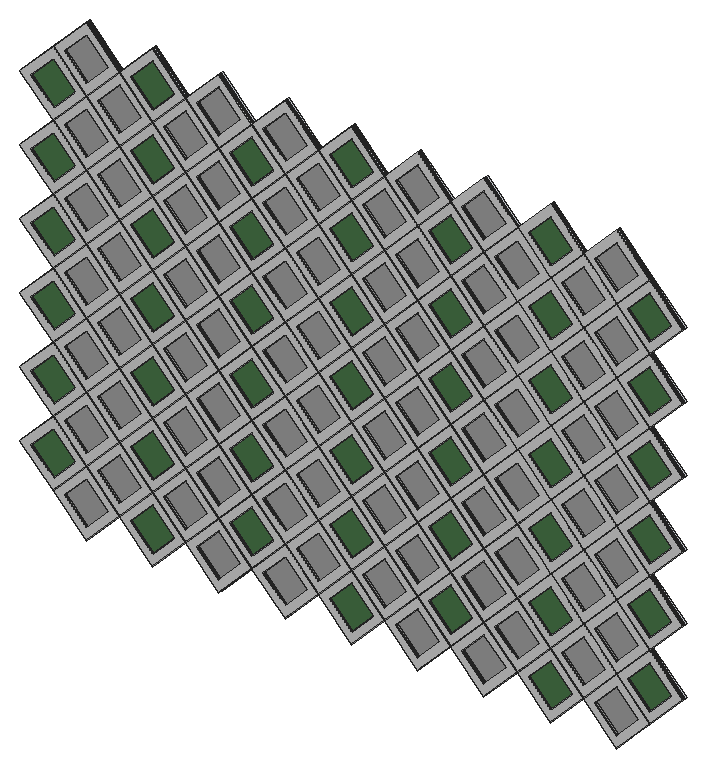
Revit family "SUR-STK-047_RITRATTO_RFA", category Modelos genéricos, Revit 2022 (continued)
Forms (in)
  Extrusion 161, solid
    sketch origin (59.39697, 0.47244, 42.42641) x (1, 0, 0) y (0, 0, 1)
      loop
        line (8.48528, 8.48528) -> (16.97056, 0) -> (25.45584, 8.48528) -> (16.97056, 16.97056) -> (8.48528, 8.48528)
    from 0.47244 to 0.94488
  Extrusion 162, solid
    sketch origin (42.42641, 0, 42.42641) x (1, 0, 0) y (0, 0, 1)
      loop
        line (11.31371, 8.48528) -> (16.97056, 2.82843) -> (22.62742, 8.48528) -> (16.97056, 14.14214) -> (11.31371, 8.48528)
      loop
        line (8.48528, 8.48528) -> (16.97056, 0) -> (25.45584, 8.48528) -> (16.97056, 16.97056) -> (8.48528, 8.48528)
    from 0.47244 to 0.94488
  Extrusion 163, solid
    sketch origin (42.42641, -0.5315, 42.42641) x (1, 0, 0) y (0, 0, 1)
      loop
        line (11.31371, 8.48528) -> (16.97056, 2.82843) -> (22.62742, 8.48528) -> (16.97056, 14.14214) -> (11.31371, 8.48528)
      loop
        line (8.48528, 8.48528) -> (16.97056, 0) -> (25.45584, 8.48528) -> (16.97056, 16.97056) -> (8.48528, 8.48528)
    from 0.41339 to 0.5315
  Extrusion 164, solid
    sketch origin (42.42641, 0.47244, 42.42641) x (1, 0, 0) y (0, 0, 1)
      loop
        line (8.48528, 8.48528) -> (16.97056, 0) -> (25.45584, 8.48528) -> (16.97056, 16.97056) -> (8.48528, 8.48528)
    from 0.47244 to 0.94488
  Extrusion 165, solid
    sketch origin (50.91169, 0, 33.94113) x (1, 0, 0) y (0, 0, 1)
      loop
        line (8.48528, 11.31371) -> (14.14214, 16.97056) -> (8.48528, 22.62742) -> (2.82843, 16.97056) -> (8.48528, 11.31371)
    from 0.47244 to 0.70866
  Extrusion 166, solid
    sketch origin (67.88225, 0, 33.94113) x (1, 0, 0) y (0, 0, 1)
      loop
        line (11.31371, 8.48528) -> (16.97056, 2.82843) -> (22.62742, 8.48528) -> (16.97056, 14.14214) -> (11.31371, 8.48528)
      loop
        line (8.48528, 8.48528) -> (16.97056, 0) -> (25.45584, 8.48528) -> (16.97056, 16.97056) -> (8.48528, 8.48528)
    from 0.47244 to 0.94488
  Extrusion 167, solid
    sketch origin (67.88225, -0.5315, 33.94113) x (1, 0, 0) y (0, 0, 1)
      loop
        line (11.31371, 8.48528) -> (16.97056, 2.82843) -> (22.62742, 8.48528) -> (16.97056, 14.14214) -> (11.31371, 8.48528)
      loop
        line (8.48528, 8.48528) -> (16.97056, 0) -> (25.45584, 8.48528) -> (16.97056, 16.97056) -> (8.48528, 8.48528)
    from 0.41339 to 0.5315
  Extrusion 168, solid
    sketch origin (67.88225, 0.47244, 33.94113) x (1, 0, 0) y (0, 0, 1)
      loop
        line (8.48528, 8.48528) -> (16.97056, 0) -> (25.45584, 8.48528) -> (16.97056, 16.97056) -> (8.48528, 8.48528)
    from 0.47244 to 0.94488
  Extrusion 169, solid
    sketch origin (76.36753, 0, 25.45584) x (1, 0, 0) y (0, 0, 1)
      loop
        line (8.48528, 11.31371) -> (14.14214, 16.97056) -> (8.48528, 22.62742) -> (2.82843, 16.97056) -> (8.48528, 11.31371)
    from 0.47244 to 0.70866
  Extrusion 170, solid
    sketch origin (76.36753, 0, 42.42641) x (1, 0, 0) y (0, 0, 1)
      loop
        line (11.31371, 8.48528) -> (16.97056, 2.82843) -> (22.62742, 8.48528) -> (16.97056, 14.14214) -> (11.31371, 8.48528)
      loop
        line (8.48528, 8.48528) -> (16.97056, 0) -> (25.45584, 8.48528) -> (16.97056, 16.97056) -> (8.48528, 8.48528)
    from 0.47244 to 0.94488
  Extrusion 171, solid
    sketch origin (76.36753, -0.5315, 42.42641) x (1, 0, 0) y (0, 0, 1)
      loop
        line (11.31371, 8.48528) -> (16.97056, 2.82843) -> (22.62742, 8.48528) -> (16.97056, 14.14214) -> (11.31371, 8.48528)
      loop
        line (8.48528, 8.48528) -> (16.97056, 0) -> (25.45584, 8.48528) -> (16.97056, 16.97056) -> (8.48528, 8.48528)
    from 0.41339 to 0.5315
  Extrusion 172, solid
    sketch origin (76.36753, 0.47244, 42.42641) x (1, 0, 0) y (0, 0, 1)
      loop
        line (8.48528, 8.48528) -> (16.97056, 0) -> (25.45584, 8.48528) -> (16.97056, 16.97056) -> (8.48528, 8.48528)
    from 0.47244 to 0.94488
  Extrusion 173, solid
    sketch origin (84.85281, 0, 33.94113) x (1, 0, 0) y (0, 0, 1)
      loop
        line (11.31371, 8.48528) -> (16.97056, 2.82843) -> (22.62742, 8.48528) -> (16.97056, 14.14214) -> (11.31371, 8.48528)
      loop
        line (8.48528, 8.48528) -> (16.97056, 0) -> (25.45584, 8.48528) -> (16.97056, 16.97056) -> (8.48528, 8.48528)
    from 0.47244 to 0.94488
  Extrusion 174, solid
    sketch origin (84.85281, -0.5315, 33.94113) x (1, 0, 0) y (0, 0, 1)
      loop
        line (11.31371, 8.48528) -> (16.97056, 2.82843) -> (22.62742, 8.48528) -> (16.97056, 14.14214) -> (11.31371, 8.48528)
      loop
        line (8.48528, 8.48528) -> (16.97056, 0) -> (25.45584, 8.48528) -> (16.97056, 16.97056) -> (8.48528, 8.48528)
    from 0.41339 to 0.5315
  Extrusion 175, solid
    sketch origin (84.85281, 0.47244, 33.94113) x (1, 0, 0) y (0, 0, 1)
      loop
        line (8.48528, 8.48528) -> (16.97056, 0) -> (25.45584, 8.48528) -> (16.97056, 16.97056) -> (8.48528, 8.48528)
    from 0.47244 to 0.94488
  Extrusion 176, solid
    sketch origin (101.82338, 0, 33.94113) x (1, 0, 0) y (0, 0, 1)
      loop
        line (11.31371, 8.48528) -> (16.97056, 2.82843) -> (22.62742, 8.48528) -> (16.97056, 14.14214) -> (11.31371, 8.48528)
      loop
        line (8.48528, 8.48528) -> (16.97056, 0) -> (25.45584, 8.48528) -> (16.97056, 16.97056) -> (8.48528, 8.48528)
    from 0.47244 to 0.94488
  Extrusion 177, solid
    sketch origin (101.82338, -0.5315, 33.94113) x (1, 0, 0) y (0, 0, 1)
      loop
        line (11.31371, 8.48528) -> (16.97056, 2.82843) -> (22.62742, 8.48528) -> (16.97056, 14.14214) -> (11.31371, 8.48528)
      loop
        line (8.48528, 8.48528) -> (16.97056, 0) -> (25.45584, 8.48528) -> (16.97056, 16.97056) -> (8.48528, 8.48528)
    from 0.41339 to 0.5315
  Extrusion 178, solid
    sketch origin (101.82338, 0.47244, 33.94113) x (1, 0, 0) y (0, 0, 1)
      loop
        line (8.48528, 8.48528) -> (16.97056, 0) -> (25.45584, 8.48528) -> (16.97056, 16.97056) -> (8.48528, 8.48528)
    from 0.47244 to 0.94488
  Extrusion 179, solid
    sketch origin (110.30866, 0, 42.42641) x (1, 0, 0) y (0, 0, 1)
      loop
        line (11.31371, 8.48528) -> (16.97056, 2.82843) -> (22.62742, 8.48528) -> (16.97056, 14.14214) -> (11.31371, 8.48528)
      loop
        line (8.48528, 8.48528) -> (16.97056, 0) -> (25.45584, 8.48528) -> (16.97056, 16.97056) -> (8.48528, 8.48528)
    from 0.47244 to 0.94488
  Extrusion 180, solid
    sketch origin (110.30866, -0.5315, 42.42641) x (1, 0, 0) y (0, 0, 1)
      loop
        line (11.31371, 8.48528) -> (16.97056, 2.82843) -> (22.62742, 8.48528) -> (16.97056, 14.14214) -> (11.31371, 8.48528)
      loop
        line (8.48528, 8.48528) -> (16.97056, 0) -> (25.45584, 8.48528) -> (16.97056, 16.97056) -> (8.48528, 8.48528)
    from 0.41339 to 0.5315
  Extrusion 181, solid
    sketch origin (110.30866, 0.47244, 42.42641) x (1, 0, 0) y (0, 0, 1)
      loop
        line (8.48528, 8.48528) -> (16.97056, 0) -> (25.45584, 8.48528) -> (16.97056, 16.97056) -> (8.48528, 8.48528)
    from 0.47244 to 0.94488
  Extrusion 182, solid
    sketch origin (93.3381, 0, 42.42641) x (1, 0, 0) y (0, 0, 1)
      loop
        line (11.31371, 8.48528) -> (16.97056, 2.82843) -> (22.62742, 8.48528) -> (16.97056, 14.14214) -> (11.31371, 8.48528)
      loop
        line (8.48528, 8.48528) -> (16.97056, 0) -> (25.45584, 8.48528) -> (16.97056, 16.97056) -> (8.48528, 8.48528)
    from 0.47244 to 0.94488
  Extrusion 183, solid
    sketch origin (93.3381, -0.5315, 42.42641) x (1, 0, 0) y (0, 0, 1)
      loop
        line (11.31371, 8.48528) -> (16.97056, 2.82843) -> (22.62742, 8.48528) -> (16.97056, 14.14214) -> (11.31371, 8.48528)
      loop
        line (8.48528, 8.48528) -> (16.97056, 0) -> (25.45584, 8.48528) -> (16.97056, 16.97056) -> (8.48528, 8.48528)
    from 0.41339 to 0.5315
  Extrusion 184, solid
    sketch origin (93.3381, 0.47244, 42.42641) x (1, 0, 0) y (0, 0, 1)
      loop
        line (8.48528, 8.48528) -> (16.97056, 0) -> (25.45584, 8.48528) -> (16.97056, 16.97056) -> (8.48528, 8.48528)
    from 0.47244 to 0.94488
  Extrusion 185, solid
    sketch origin (101.82338, 0, 33.94113) x (1, 0, 0) y (0, 0, 1)
      loop
        line (8.48528, 11.31371) -> (14.14214, 16.97056) -> (8.48528, 22.62742) -> (2.82843, 16.97056) -> (8.48528, 11.31371)
    from 0.47244 to 0.70866
  Extrusion 186, solid
    sketch origin (118.79394, 0, 33.94113) x (1, 0, 0) y (0, 0, 1)
      loop
        line (11.31371, 8.48528) -> (16.97056, 2.82843) -> (22.62742, 8.48528) -> (16.97056, 14.14214) -> (11.31371, 8.48528)
      loop
        line (8.48528, 8.48528) -> (16.97056, 0) -> (25.45584, 8.48528) -> (16.97056, 16.97056) -> (8.48528, 8.48528)
    from 0.47244 to 0.94488
  Extrusion 187, solid
    sketch origin (118.79394, -0.5315, 33.94113) x (1, 0, 0) y (0, 0, 1)
      loop
        line (11.31371, 8.48528) -> (16.97056, 2.82843) -> (22.62742, 8.48528) -> (16.97056, 14.14214) -> (11.31371, 8.48528)
      loop
        line (8.48528, 8.48528) -> (16.97056, 0) -> (25.45584, 8.48528) -> (16.97056, 16.97056) -> (8.48528, 8.48528)
    from 0.41339 to 0.5315
  Extrusion 188, solid
    sketch origin (118.79394, 0.47244, 33.94113) x (1, 0, 0) y (0, 0, 1)
      loop
        line (8.48528, 8.48528) -> (16.97056, 0) -> (25.45584, 8.48528) -> (16.97056, 16.97056) -> (8.48528, 8.48528)
    from 0.47244 to 0.94488
  Extrusion 189, solid
    sketch origin (127.27922, 0, 25.45584) x (1, 0, 0) y (0, 0, 1)
      loop
        line (8.48528, 11.31371) -> (14.14214, 16.97056) -> (8.48528, 22.62742) -> (2.82843, 16.97056) -> (8.48528, 11.31371)
    from 0.47244 to 0.70866
  Extrusion 190, solid
    sketch origin (144.24978, 0, 42.42641) x (1, 0, 0) y (0, 0, 1)
      loop
        line (11.31371, 8.48528) -> (16.97056, 2.82843) -> (22.62742, 8.48528) -> (16.97056, 14.14214) -> (11.31371, 8.48528)
      loop
        line (8.48528, 8.48528) -> (16.97056, 0) -> (25.45584, 8.48528) -> (16.97056, 16.97056) -> (8.48528, 8.48528)
    from 0.47244 to 0.94488
  Extrusion 191, solid
    sketch origin (144.24978, -0.5315, 42.42641) x (1, 0, 0) y (0, 0, 1)
      loop
        line (11.31371, 8.48528) -> (16.97056, 2.82843) -> (22.62742, 8.48528) -> (16.97056, 14.14214) -> (11.31371, 8.48528)
      loop
        line (8.48528, 8.48528) -> (16.97056, 0) -> (25.45584, 8.48528) -> (16.97056, 16.97056) -> (8.48528, 8.48528)
    from 0.41339 to 0.5315
  Extrusion 192, solid
    sketch origin (144.24978, 0.47244, 42.42641) x (1, 0, 0) y (0, 0, 1)
      loop
        line (8.48528, 8.48528) -> (16.97056, 0) -> (25.45584, 8.48528) -> (16.97056, 16.97056) -> (8.48528, 8.48528)
    from 0.47244 to 0.94488
  Extrusion 193, solid
    sketch origin (152.73506, 0, 33.94113) x (1, 0, 0) y (0, 0, 1)
      loop
        line (8.48528, 11.31371) -> (14.14214, 16.97056) -> (8.48528, 22.62742) -> (2.82843, 16.97056) -> (8.48528, 11.31371)
    from 0.47244 to 0.70866
  Extrusion 194, solid
    sketch origin (127.27922, 0, 42.42641) x (1, 0, 0) y (0, 0, 1)
      loop
        line (11.31371, 8.48528) -> (16.97056, 2.82843) -> (22.62742, 8.48528) -> (16.97056, 14.14214) -> (11.31371, 8.48528)
      loop
        line (8.48528, 8.48528) -> (16.97056, 0) -> (25.45584, 8.48528) -> (16.97056, 16.97056) -> (8.48528, 8.48528)
    from 0.47244 to 0.94488
  Extrusion 195, solid
    sketch origin (127.27922, -0.5315, 42.42641) x (1, 0, 0) y (0, 0, 1)
      loop
        line (11.31371, 8.48528) -> (16.97056, 2.82843) -> (22.62742, 8.48528) -> (16.97056, 14.14214) -> (11.31371, 8.48528)
      loop
        line (8.48528, 8.48528) -> (16.97056, 0) -> (25.45584, 8.48528) -> (16.97056, 16.97056) -> (8.48528, 8.48528)
    from 0.41339 to 0.5315
  Extrusion 196, solid
    sketch origin (127.27922, 0.47244, 42.42641) x (1, 0, 0) y (0, 0, 1)
      loop
        line (8.48528, 8.48528) -> (16.97056, 0) -> (25.45584, 8.48528) -> (16.97056, 16.97056) -> (8.48528, 8.48528)
    from 0.47244 to 0.94488
  Extrusion 197, solid
    sketch origin (135.7645, 0, 33.94113) x (1, 0, 0) y (0, 0, 1)
      loop
        line (11.31371, 8.48528) -> (16.97056, 2.82843) -> (22.62742, 8.48528) -> (16.97056, 14.14214) -> (11.31371, 8.48528)
      loop
        line (8.48528, 8.48528) -> (16.97056, 0) -> (25.45584, 8.48528) -> (16.97056, 16.97056) -> (8.48528, 8.48528)
    from 0.47244 to 0.94488
  Extrusion 198, solid
    sketch origin (135.7645, -0.5315, 33.94113) x (1, 0, 0) y (0, 0, 1)
      loop
        line (11.31371, 8.48528) -> (16.97056, 2.82843) -> (22.62742, 8.48528) -> (16.97056, 14.14214) -> (11.31371, 8.48528)
      loop
        line (8.48528, 8.48528) -> (16.97056, 0) -> (25.45584, 8.48528) -> (16.97056, 16.97056) -> (8.48528, 8.48528)
    from 0.41339 to 0.5315
  Extrusion 199, solid
    sketch origin (135.7645, 0.47244, 33.94113) x (1, 0, 0) y (0, 0, 1)
      loop
        line (8.48528, 8.48528) -> (16.97056, 0) -> (25.45584, 8.48528) -> (16.97056, 16.97056) -> (8.48528, 8.48528)
    from 0.47244 to 0.94488
  Extrusion 200, solid
    sketch origin (0, 0, 50.91169) x (1, 0, 0) y (0, 0, 1)
      loop
        line (11.31371, 8.48528) -> (16.97056, 2.82843) -> (22.62742, 8.48528) -> (16.97056, 14.14214) -> (11.31371, 8.48528)
      loop
        line (8.48528, 8.48528) -> (16.97056, 0) -> (25.45584, 8.48528) -> (16.97056, 16.97056) -> (8.48528, 8.48528)
    from 0.47244 to 0.94488
  Extrusion 201, solid
    sketch origin (0, -0.5315, 50.91169) x (1, 0, 0) y (0, 0, 1)
      loop
        line (11.31371, 8.48528) -> (16.97056, 2.82843) -> (22.62742, 8.48528) -> (16.97056, 14.14214) -> (11.31371, 8.48528)
      loop
        line (8.48528, 8.48528) -> (16.97056, 0) -> (25.45584, 8.48528) -> (16.97056, 16.97056) -> (8.48528, 8.48528)
    from 0.41339 to 0.5315
  Extrusion 202, solid
    sketch origin (0, 0.47244, 50.91169) x (1, 0, 0) y (0, 0, 1)
      loop
        line (8.48528, 8.48528) -> (16.97056, 0) -> (25.45584, 8.48528) -> (16.97056, 16.97056) -> (8.48528, 8.48528)
    from 0.47244 to 0.94488
  Extrusion 203, solid
    sketch origin (-8.48528, 0, 59.39697) x (1, 0, 0) y (0, 0, 1)
      loop
        line (11.31371, 8.48528) -> (16.97056, 2.82843) -> (22.62742, 8.48528) -> (16.97056, 14.14214) -> (11.31371, 8.48528)
      loop
        line (8.48528, 8.48528) -> (16.97056, 0) -> (25.45584, 8.48528) -> (16.97056, 16.97056) -> (8.48528, 8.48528)
    from 0.47244 to 0.94488
  Extrusion 204, solid
    sketch origin (-8.48528, -0.5315, 59.39697) x (1, 0, 0) y (0, 0, 1)
      loop
        line (11.31371, 8.48528) -> (16.97056, 2.82843) -> (22.62742, 8.48528) -> (16.97056, 14.14214) -> (11.31371, 8.48528)
      loop
        line (8.48528, 8.48528) -> (16.97056, 0) -> (25.45584, 8.48528) -> (16.97056, 16.97056) -> (8.48528, 8.48528)
    from 0.41339 to 0.5315
  Extrusion 205, solid
    sketch origin (-8.48528, 0.47244, 59.39697) x (1, 0, 0) y (0, 0, 1)
      loop
        line (8.48528, 8.48528) -> (16.97056, 0) -> (25.45584, 8.48528) -> (16.97056, 16.97056) -> (8.48528, 8.48528)
    from 0.47244 to 0.94488
  Extrusion 206, solid
    sketch origin (0, 0, 50.91169) x (1, 0, 0) y (0, 0, 1)
      loop
        line (8.48528, 11.31371) -> (14.14214, 16.97056) -> (8.48528, 22.62742) -> (2.82843, 16.97056) -> (8.48528, 11.31371)
    from 0.47244 to 0.70866
  Extrusion 207, solid
    sketch origin (8.48528, 0, 59.39697) x (1, 0, 0) y (0, 0, 1)
      loop
        line (11.31371, 8.48528) -> (16.97056, 2.82843) -> (22.62742, 8.48528) -> (16.97056, 14.14214) -> (11.31371, 8.48528)
      loop
        line (8.48528, 8.48528) -> (16.97056, 0) -> (25.45584, 8.48528) -> (16.97056, 16.97056) -> (8.48528, 8.48528)
    from 0.47244 to 0.94488
  Extrusion 208, solid
    sketch origin (8.48528, -0.5315, 59.39697) x (1, 0, 0) y (0, 0, 1)
      loop
        line (11.31371, 8.48528) -> (16.97056, 2.82843) -> (22.62742, 8.48528) -> (16.97056, 14.14214) -> (11.31371, 8.48528)
      loop
        line (8.48528, 8.48528) -> (16.97056, 0) -> (25.45584, 8.48528) -> (16.97056, 16.97056) -> (8.48528, 8.48528)
    from 0.41339 to 0.5315
  Extrusion 209, solid
    sketch origin (8.48528, 0.47244, 59.39697) x (1, 0, 0) y (0, 0, 1)
      loop
        line (8.48528, 8.48528) -> (16.97056, 0) -> (25.45584, 8.48528) -> (16.97056, 16.97056) -> (8.48528, 8.48528)
    from 0.47244 to 0.94488
  Extrusion 210, solid
    sketch origin (16.97056, 0, 50.91169) x (1, 0, 0) y (0, 0, 1)
      loop
        line (11.31371, 8.48528) -> (16.97056, 2.82843) -> (22.62742, 8.48528) -> (16.97056, 14.14214) -> (11.31371, 8.48528)
      loop
        line (8.48528, 8.48528) -> (16.97056, 0) -> (25.45584, 8.48528) -> (16.97056, 16.97056) -> (8.48528, 8.48528)
    from 0.47244 to 0.94488
  Extrusion 211, solid
    sketch origin (16.97056, -0.5315, 50.91169) x (1, 0, 0) y (0, 0, 1)
      loop
        line (11.31371, 8.48528) -> (16.97056, 2.82843) -> (22.62742, 8.48528) -> (16.97056, 14.14214) -> (11.31371, 8.48528)
      loop
        line (8.48528, 8.48528) -> (16.97056, 0) -> (25.45584, 8.48528) -> (16.97056, 16.97056) -> (8.48528, 8.48528)
    from 0.41339 to 0.5315
  Extrusion 212, solid
    sketch origin (16.97056, 0.47244, 50.91169) x (1, 0, 0) y (0, 0, 1)
      loop
        line (8.48528, 8.48528) -> (16.97056, 0) -> (25.45584, 8.48528) -> (16.97056, 16.97056) -> (8.48528, 8.48528)
    from 0.47244 to 0.94488
  Extrusion 213, solid
    sketch origin (25.45584, 0, 42.42641) x (1, 0, 0) y (0, 0, 1)
      loop
        line (8.48528, 11.31371) -> (14.14214, 16.97056) -> (8.48528, 22.62742) -> (2.82843, 16.97056) -> (8.48528, 11.31371)
    from 0.47244 to 0.70866
  Extrusion 214, solid
    sketch origin (33.94113, 0, 50.91169) x (1, 0, 0) y (0, 0, 1)
      loop
        line (11.31371, 8.48528) -> (16.97056, 2.82843) -> (22.62742, 8.48528) -> (16.97056, 14.14214) -> (11.31371, 8.48528)
      loop
        line (8.48528, 8.48528) -> (16.97056, 0) -> (25.45584, 8.48528) -> (16.97056, 16.97056) -> (8.48528, 8.48528)
    from 0.47244 to 0.94488
  Extrusion 215, solid
    sketch origin (33.94113, -0.5315, 50.91169) x (1, 0, 0) y (0, 0, 1)
      loop
        line (11.31371, 8.48528) -> (16.97056, 2.82843) -> (22.62742, 8.48528) -> (16.97056, 14.14214) -> (11.31371, 8.48528)
      loop
        line (8.48528, 8.48528) -> (16.97056, 0) -> (25.45584, 8.48528) -> (16.97056, 16.97056) -> (8.48528, 8.48528)
    from 0.41339 to 0.5315
  Extrusion 216, solid
    sketch origin (33.94113, 0.47244, 50.91169) x (1, 0, 0) y (0, 0, 1)
      loop
        line (8.48528, 8.48528) -> (16.97056, 0) -> (25.45584, 8.48528) -> (16.97056, 16.97056) -> (8.48528, 8.48528)
    from 0.47244 to 0.94488
  Extrusion 217, solid
    sketch origin (50.91169, 0, 50.91169) x (1, 0, 0) y (0, 0, 1)
      loop
        line (11.31371, 8.48528) -> (16.97056, 2.82843) -> (22.62742, 8.48528) -> (16.97056, 14.14214) -> (11.31371, 8.48528)
      loop
        line (8.48528, 8.48528) -> (16.97056, 0) -> (25.45584, 8.48528) -> (16.97056, 16.97056) -> (8.48528, 8.48528)
    from 0.47244 to 0.94488
  Extrusion 218, solid
    sketch origin (50.91169, -0.5315, 50.91169) x (1, 0, 0) y (0, 0, 1)
      loop
        line (11.31371, 8.48528) -> (16.97056, 2.82843) -> (22.62742, 8.48528) -> (16.97056, 14.14214) -> (11.31371, 8.48528)
      loop
        line (8.48528, 8.48528) -> (16.97056, 0) -> (25.45584, 8.48528) -> (16.97056, 16.97056) -> (8.48528, 8.48528)
    from 0.41339 to 0.5315
  Extrusion 219, solid
    sketch origin (50.91169, 0.47244, 50.91169) x (1, 0, 0) y (0, 0, 1)
      loop
        line (8.48528, 8.48528) -> (16.97056, 0) -> (25.45584, 8.48528) -> (16.97056, 16.97056) -> (8.48528, 8.48528)
    from 0.47244 to 0.94488
  Extrusion 220, solid
    sketch origin (25.45584, 0, 59.39697) x (1, 0, 0) y (0, 0, 1)
      loop
        line (11.31371, 8.48528) -> (16.97056, 2.82843) -> (22.62742, 8.48528) -> (16.97056, 14.14214) -> (11.31371, 8.48528)
      loop
        line (8.48528, 8.48528) -> (16.97056, 0) -> (25.45584, 8.48528) -> (16.97056, 16.97056) -> (8.48528, 8.48528)
    from 0.47244 to 0.94488
  Extrusion 221, solid
    sketch origin (25.45584, -0.5315, 59.39697) x (1, 0, 0) y (0, 0, 1)
      loop
        line (11.31371, 8.48528) -> (16.97056, 2.82843) -> (22.62742, 8.48528) -> (16.97056, 14.14214) -> (11.31371, 8.48528)
      loop
        line (8.48528, 8.48528) -> (16.97056, 0) -> (25.45584, 8.48528) -> (16.97056, 16.97056) -> (8.48528, 8.48528)
    from 0.41339 to 0.5315
  Extrusion 222, solid
    sketch origin (25.45584, 0.47244, 59.39697) x (1, 0, 0) y (0, 0, 1)
      loop
        line (8.48528, 8.48528) -> (16.97056, 0) -> (25.45584, 8.48528) -> (16.97056, 16.97056) -> (8.48528, 8.48528)
    from 0.47244 to 0.94488
  Extrusion 223, solid
    sketch origin (59.39697, 0, 59.39697) x (1, 0, 0) y (0, 0, 1)
      loop
        line (11.31371, 8.48528) -> (16.97056, 2.82843) -> (22.62742, 8.48528) -> (16.97056, 14.14214) -> (11.31371, 8.48528)
      loop
        line (8.48528, 8.48528) -> (16.97056, 0) -> (25.45584, 8.48528) -> (16.97056, 16.97056) -> (8.48528, 8.48528)
    from 0.47244 to 0.94488
  Extrusion 224, solid
    sketch origin (59.39697, -0.5315, 59.39697) x (1, 0, 0) y (0, 0, 1)
      loop
        line (11.31371, 8.48528) -> (16.97056, 2.82843) -> (22.62742, 8.48528) -> (16.97056, 14.14214) -> (11.31371, 8.48528)
      loop
        line (8.48528, 8.48528) -> (16.97056, 0) -> (25.45584, 8.48528) -> (16.97056, 16.97056) -> (8.48528, 8.48528)
    from 0.41339 to 0.5315
  Extrusion 225, solid
    sketch origin (59.39697, 0.47244, 59.39697) x (1, 0, 0) y (0, 0, 1)
      loop
        line (8.48528, 8.48528) -> (16.97056, 0) -> (25.45584, 8.48528) -> (16.97056, 16.97056) -> (8.48528, 8.48528)
    from 0.47244 to 0.94488
  Extrusion 226, solid
    sketch origin (42.42641, 0, 59.39697) x (1, 0, 0) y (0, 0, 1)
      loop
        line (11.31371, 8.48528) -> (16.97056, 2.82843) -> (22.62742, 8.48528) -> (16.97056, 14.14214) -> (11.31371, 8.48528)
      loop
        line (8.48528, 8.48528) -> (16.97056, 0) -> (25.45584, 8.48528) -> (16.97056, 16.97056) -> (8.48528, 8.48528)
    from 0.47244 to 0.94488
  Extrusion 227, solid
    sketch origin (42.42641, -0.5315, 59.39697) x (1, 0, 0) y (0, 0, 1)
      loop
        line (11.31371, 8.48528) -> (16.97056, 2.82843) -> (22.62742, 8.48528) -> (16.97056, 14.14214) -> (11.31371, 8.48528)
      loop
        line (8.48528, 8.48528) -> (16.97056, 0) -> (25.45584, 8.48528) -> (16.97056, 16.97056) -> (8.48528, 8.48528)
    from 0.41339 to 0.5315
  Extrusion 228, solid
    sketch origin (42.42641, 0.47244, 59.39697) x (1, 0, 0) y (0, 0, 1)
      loop
        line (8.48528, 8.48528) -> (16.97056, 0) -> (25.45584, 8.48528) -> (16.97056, 16.97056) -> (8.48528, 8.48528)
    from 0.47244 to 0.94488
  Extrusion 229, solid
    sketch origin (50.91169, 0, 50.91169) x (1, 0, 0) y (0, 0, 1)
      loop
        line (8.48528, 11.31371) -> (14.14214, 16.97056) -> (8.48528, 22.62742) -> (2.82843, 16.97056) -> (8.48528, 11.31371)
    from 0.47244 to 0.70866
  Extrusion 230, solid
    sketch origin (67.88225, 0, 50.91169) x (1, 0, 0) y (0, 0, 1)
      loop
        line (11.31371, 8.48528) -> (16.97056, 2.82843) -> (22.62742, 8.48528) -> (16.97056, 14.14214) -> (11.31371, 8.48528)
      loop
        line (8.48528, 8.48528) -> (16.97056, 0) -> (25.45584, 8.48528) -> (16.97056, 16.97056) -> (8.48528, 8.48528)
    from 0.47244 to 0.94488
  Extrusion 231, solid
    sketch origin (67.88225, -0.5315, 50.91169) x (1, 0, 0) y (0, 0, 1)
      loop
        line (11.31371, 8.48528) -> (16.97056, 2.82843) -> (22.62742, 8.48528) -> (16.97056, 14.14214) -> (11.31371, 8.48528)
      loop
        line (8.48528, 8.48528) -> (16.97056, 0) -> (25.45584, 8.48528) -> (16.97056, 16.97056) -> (8.48528, 8.48528)
    from 0.41339 to 0.5315
  Extrusion 232, solid
    sketch origin (67.88225, 0.47244, 50.91169) x (1, 0, 0) y (0, 0, 1)
      loop
        line (8.48528, 8.48528) -> (16.97056, 0) -> (25.45584, 8.48528) -> (16.97056, 16.97056) -> (8.48528, 8.48528)
    from 0.47244 to 0.94488
  Extrusion 233, solid
    sketch origin (76.36753, 0, 42.42641) x (1, 0, 0) y (0, 0, 1)
      loop
        line (8.48528, 11.31371) -> (14.14214, 16.97056) -> (8.48528, 22.62742) -> (2.82843, 16.97056) -> (8.48528, 11.31371)
    from 0.47244 to 0.70866
  Extrusion 234, solid
    sketch origin (76.36753, 0, 59.39697) x (1, 0, 0) y (0, 0, 1)
      loop
        line (11.31371, 8.48528) -> (16.97056, 2.82843) -> (22.62742, 8.48528) -> (16.97056, 14.14214) -> (11.31371, 8.48528)
      loop
        line (8.48528, 8.48528) -> (16.97056, 0) -> (25.45584, 8.48528) -> (16.97056, 16.97056) -> (8.48528, 8.48528)
    from 0.47244 to 0.94488
  Extrusion 235, solid
    sketch origin (76.36753, -0.5315, 59.39697) x (1, 0, 0) y (0, 0, 1)
      loop
        line (11.31371, 8.48528) -> (16.97056, 2.82843) -> (22.62742, 8.48528) -> (16.97056, 14.14214) -> (11.31371, 8.48528)
      loop
        line (8.48528, 8.48528) -> (16.97056, 0) -> (25.45584, 8.48528) -> (16.97056, 16.97056) -> (8.48528, 8.48528)
    from 0.41339 to 0.5315
  Extrusion 236, solid
    sketch origin (76.36753, 0.47244, 59.39697) x (1, 0, 0) y (0, 0, 1)
      loop
        line (8.48528, 8.48528) -> (16.97056, 0) -> (25.45584, 8.48528) -> (16.97056, 16.97056) -> (8.48528, 8.48528)
    from 0.47244 to 0.94488
  Extrusion 237, solid
    sketch origin (84.85281, 0, 50.91169) x (1, 0, 0) y (0, 0, 1)
      loop
        line (11.31371, 8.48528) -> (16.97056, 2.82843) -> (22.62742, 8.48528) -> (16.97056, 14.14214) -> (11.31371, 8.48528)
      loop
        line (8.48528, 8.48528) -> (16.97056, 0) -> (25.45584, 8.48528) -> (16.97056, 16.97056) -> (8.48528, 8.48528)
    from 0.47244 to 0.94488
  Extrusion 238, solid
    sketch origin (84.85281, -0.5315, 50.91169) x (1, 0, 0) y (0, 0, 1)
      loop
        line (11.31371, 8.48528) -> (16.97056, 2.82843) -> (22.62742, 8.48528) -> (16.97056, 14.14214) -> (11.31371, 8.48528)
      loop
        line (8.48528, 8.48528) -> (16.97056, 0) -> (25.45584, 8.48528) -> (16.97056, 16.97056) -> (8.48528, 8.48528)
    from 0.41339 to 0.5315
  Extrusion 239, solid
    sketch origin (84.85281, 0.47244, 50.91169) x (1, 0, 0) y (0, 0, 1)
      loop
        line (8.48528, 8.48528) -> (16.97056, 0) -> (25.45584, 8.48528) -> (16.97056, 16.97056) -> (8.48528, 8.48528)
    from 0.47244 to 0.94488
  Extrusion 240, solid
    sketch origin (101.82338, 0, 50.91169) x (1, 0, 0) y (0, 0, 1)
      loop
        line (11.31371, 8.48528) -> (16.97056, 2.82843) -> (22.62742, 8.48528) -> (16.97056, 14.14214) -> (11.31371, 8.48528)
      loop
        line (8.48528, 8.48528) -> (16.97056, 0) -> (25.45584, 8.48528) -> (16.97056, 16.97056) -> (8.48528, 8.48528)
    from 0.47244 to 0.94488
  Extrusion 241, solid
    sketch origin (101.82338, -0.5315, 50.91169) x (1, 0, 0) y (0, 0, 1)
      loop
        line (11.31371, 8.48528) -> (16.97056, 2.82843) -> (22.62742, 8.48528) -> (16.97056, 14.14214) -> (11.31371, 8.48528)
      loop
        line (8.48528, 8.48528) -> (16.97056, 0) -> (25.45584, 8.48528) -> (16.97056, 16.97056) -> (8.48528, 8.48528)
    from 0.41339 to 0.5315
  Extrusion 242, solid
    sketch origin (101.82338, 0.47244, 50.91169) x (1, 0, 0) y (0, 0, 1)
      loop
        line (8.48528, 8.48528) -> (16.97056, 0) -> (25.45584, 8.48528) -> (16.97056, 16.97056) -> (8.48528, 8.48528)
    from 0.47244 to 0.94488
  Extrusion 243, solid
    sketch origin (110.30866, 0, 59.39697) x (1, 0, 0) y (0, 0, 1)
      loop
        line (11.31371, 8.48528) -> (16.97056, 2.82843) -> (22.62742, 8.48528) -> (16.97056, 14.14214) -> (11.31371, 8.48528)
      loop
        line (8.48528, 8.48528) -> (16.97056, 0) -> (25.45584, 8.48528) -> (16.97056, 16.97056) -> (8.48528, 8.48528)
    from 0.47244 to 0.94488
  Extrusion 244, solid
    sketch origin (110.30866, -0.5315, 59.39697) x (1, 0, 0) y (0, 0, 1)
      loop
        line (11.31371, 8.48528) -> (16.97056, 2.82843) -> (22.62742, 8.48528) -> (16.97056, 14.14214) -> (11.31371, 8.48528)
      loop
        line (8.48528, 8.48528) -> (16.97056, 0) -> (25.45584, 8.48528) -> (16.97056, 16.97056) -> (8.48528, 8.48528)
    from 0.41339 to 0.5315
  Extrusion 245, solid
    sketch origin (110.30866, 0.47244, 59.39697) x (1, 0, 0) y (0, 0, 1)
      loop
        line (8.48528, 8.48528) -> (16.97056, 0) -> (25.45584, 8.48528) -> (16.97056, 16.97056) -> (8.48528, 8.48528)
    from 0.47244 to 0.94488
  Extrusion 246, solid
    sketch origin (93.3381, 0, 59.39697) x (1, 0, 0) y (0, 0, 1)
      loop
        line (11.31371, 8.48528) -> (16.97056, 2.82843) -> (22.62742, 8.48528) -> (16.97056, 14.14214) -> (11.31371, 8.48528)
      loop
        line (8.48528, 8.48528) -> (16.97056, 0) -> (25.45584, 8.48528) -> (16.97056, 16.97056) -> (8.48528, 8.48528)
    from 0.47244 to 0.94488
  Extrusion 247, solid
    sketch origin (93.3381, -0.5315, 59.39697) x (1, 0, 0) y (0, 0, 1)
      loop
        line (11.31371, 8.48528) -> (16.97056, 2.82843) -> (22.62742, 8.48528) -> (16.97056, 14.14214) -> (11.31371, 8.48528)
      loop
        line (8.48528, 8.48528) -> (16.97056, 0) -> (25.45584, 8.48528) -> (16.97056, 16.97056) -> (8.48528, 8.48528)
    from 0.41339 to 0.5315
  Extrusion 248, solid
    sketch origin (93.3381, 0.47244, 59.39697) x (1, 0, 0) y (0, 0, 1)
      loop
        line (8.48528, 8.48528) -> (16.97056, 0) -> (25.45584, 8.48528) -> (16.97056, 16.97056) -> (8.48528, 8.48528)
    from 0.47244 to 0.94488
  Extrusion 249, solid
    sketch origin (101.82338, 0, 50.91169) x (1, 0, 0) y (0, 0, 1)
      loop
        line (8.48528, 11.31371) -> (14.14214, 16.97056) -> (8.48528, 22.62742) -> (2.82843, 16.97056) -> (8.48528, 11.31371)
    from 0.47244 to 0.70866
  Extrusion 250, solid
    sketch origin (118.79394, 0, 50.91169) x (1, 0, 0) y (0, 0, 1)
      loop
        line (11.31371, 8.48528) -> (16.97056, 2.82843) -> (22.62742, 8.48528) -> (16.97056, 14.14214) -> (11.31371, 8.48528)
      loop
        line (8.48528, 8.48528) -> (16.97056, 0) -> (25.45584, 8.48528) -> (16.97056, 16.97056) -> (8.48528, 8.48528)
    from 0.47244 to 0.94488
  Extrusion 251, solid
    sketch origin (118.79394, -0.5315, 50.91169) x (1, 0, 0) y (0, 0, 1)
      loop
        line (11.31371, 8.48528) -> (16.97056, 2.82843) -> (22.62742, 8.48528) -> (16.97056, 14.14214) -> (11.31371, 8.48528)
      loop
        line (8.48528, 8.48528) -> (16.97056, 0) -> (25.45584, 8.48528) -> (16.97056, 16.97056) -> (8.48528, 8.48528)
    from 0.41339 to 0.5315
  Extrusion 252, solid
    sketch origin (118.79394, 0.47244, 50.91169) x (1, 0, 0) y (0, 0, 1)
      loop
        line (8.48528, 8.48528) -> (16.97056, 0) -> (25.45584, 8.48528) -> (16.97056, 16.97056) -> (8.48528, 8.48528)
    from 0.47244 to 0.94488
  Extrusion 253, solid
    sketch origin (127.27922, 0, 42.42641) x (1, 0, 0) y (0, 0, 1)
      loop
        line (8.48528, 11.31371) -> (14.14214, 16.97056) -> (8.48528, 22.62742) -> (2.82843, 16.97056) -> (8.48528, 11.31371)
    from 0.47244 to 0.70866
  Extrusion 254, solid
    sketch origin (144.24978, 0, 59.39697) x (1, 0, 0) y (0, 0, 1)
      loop
        line (11.31371, 8.48528) -> (16.97056, 2.82843) -> (22.62742, 8.48528) -> (16.97056, 14.14214) -> (11.31371, 8.48528)
      loop
        line (8.48528, 8.48528) -> (16.97056, 0) -> (25.45584, 8.48528) -> (16.97056, 16.97056) -> (8.48528, 8.48528)
    from 0.47244 to 0.94488
  Extrusion 255, solid
    sketch origin (144.24978, -0.5315, 59.39697) x (1, 0, 0) y (0, 0, 1)
      loop
        line (11.31371, 8.48528) -> (16.97056, 2.82843) -> (22.62742, 8.48528) -> (16.97056, 14.14214) -> (11.31371, 8.48528)
      loop
        line (8.48528, 8.48528) -> (16.97056, 0) -> (25.45584, 8.48528) -> (16.97056, 16.97056) -> (8.48528, 8.48528)
    from 0.41339 to 0.5315
  Extrusion 256, solid
    sketch origin (144.24978, 0.47244, 59.39697) x (1, 0, 0) y (0, 0, 1)
      loop
        line (8.48528, 8.48528) -> (16.97056, 0) -> (25.45584, 8.48528) -> (16.97056, 16.97056) -> (8.48528, 8.48528)
    from 0.47244 to 0.94488
  Extrusion 257, solid
    sketch origin (152.73506, 0, 50.91169) x (1, 0, 0) y (0, 0, 1)
      loop
        line (8.48528, 11.31371) -> (14.14214, 16.97056) -> (8.48528, 22.62742) -> (2.82843, 16.97056) -> (8.48528, 11.31371)
    from 0.47244 to 0.70866
  Extrusion 258, solid
    sketch origin (127.27922, 0, 59.39697) x (1, 0, 0) y (0, 0, 1)
      loop
        line (11.31371, 8.48528) -> (16.97056, 2.82843) -> (22.62742, 8.48528) -> (16.97056, 14.14214) -> (11.31371, 8.48528)
      loop
        line (8.48528, 8.48528) -> (16.97056, 0) -> (25.45584, 8.48528) -> (16.97056, 16.97056) -> (8.48528, 8.48528)
    from 0.47244 to 0.94488
  Extrusion 259, solid
    sketch origin (127.27922, -0.5315, 59.39697) x (1, 0, 0) y (0, 0, 1)
      loop
        line (11.31371, 8.48528) -> (16.97056, 2.82843) -> (22.62742, 8.48528) -> (16.97056, 14.14214) -> (11.31371, 8.48528)
      loop
        line (8.48528, 8.48528) -> (16.97056, 0) -> (25.45584, 8.48528) -> (16.97056, 16.97056) -> (8.48528, 8.48528)
    from 0.41339 to 0.5315
  Extrusion 260, solid
    sketch origin (127.27922, 0.47244, 59.39697) x (1, 0, 0) y (0, 0, 1)
      loop
        line (8.48528, 8.48528) -> (16.97056, 0) -> (25.45584, 8.48528) -> (16.97056, 16.97056) -> (8.48528, 8.48528)
    from 0.47244 to 0.94488
  Extrusion 261, solid
    sketch origin (135.7645, 0, 50.91169) x (1, 0, 0) y (0, 0, 1)
      loop
        line (11.31371, 8.48528) -> (16.97056, 2.82843) -> (22.62742, 8.48528) -> (16.97056, 14.14214) -> (11.31371, 8.48528)
      loop
        line (8.48528, 8.48528) -> (16.97056, 0) -> (25.45584, 8.48528) -> (16.97056, 16.97056) -> (8.48528, 8.48528)
    from 0.47244 to 0.94488
  Extrusion 262, solid
    sketch origin (135.7645, -0.5315, 50.91169) x (1, 0, 0) y (0, 0, 1)
      loop
        line (11.31371, 8.48528) -> (16.97056, 2.82843) -> (22.62742, 8.48528) -> (16.97056, 14.14214) -> (11.31371, 8.48528)
      loop
        line (8.48528, 8.48528) -> (16.97056, 0) -> (25.45584, 8.48528) -> (16.97056, 16.97056) -> (8.48528, 8.48528)
    from 0.41339 to 0.5315
  Extrusion 263, solid
    sketch origin (135.7645, 0.47244, 50.91169) x (1, 0, 0) y (0, 0, 1)
      loop
        line (8.48528, 8.48528) -> (16.97056, 0) -> (25.45584, 8.48528) -> (16.97056, 16.97056) -> (8.48528, 8.48528)
    from 0.47244 to 0.94488
  Extrusion 264, solid
    sketch origin (0, 0, 67.88225) x (1, 0, 0) y (0, 0, 1)
      loop
        line (11.31371, 8.48528) -> (16.97056, 2.82843) -> (22.62742, 8.48528) -> (16.97056, 14.14214) -> (11.31371, 8.48528)
      loop
        line (8.48528, 8.48528) -> (16.97056, 0) -> (25.45584, 8.48528) -> (16.97056, 16.97056) -> (8.48528, 8.48528)
    from 0.47244 to 0.94488
  Extrusion 265, solid
    sketch origin (0, -0.5315, 67.88225) x (1, 0, 0) y (0, 0, 1)
      loop
        line (11.31371, 8.48528) -> (16.97056, 2.82843) -> (22.62742, 8.48528) -> (16.97056, 14.14214) -> (11.31371, 8.48528)
      loop
        line (8.48528, 8.48528) -> (16.97056, 0) -> (25.45584, 8.48528) -> (16.97056, 16.97056) -> (8.48528, 8.48528)
    from 0.41339 to 0.5315
  Extrusion 266, solid
    sketch origin (0, 0.47244, 67.88225) x (1, 0, 0) y (0, 0, 1)
      loop
        line (8.48528, 8.48528) -> (16.97056, 0) -> (25.45584, 8.48528) -> (16.97056, 16.97056) -> (8.48528, 8.48528)
    from 0.47244 to 0.94488
  Extrusion 267, solid
    sketch origin (-8.48528, 0, 76.36753) x (1, 0, 0) y (0, 0, 1)
      loop
        line (11.31371, 8.48528) -> (16.97056, 2.82843) -> (22.62742, 8.48528) -> (16.97056, 14.14214) -> (11.31371, 8.48528)
      loop
        line (8.48528, 8.48528) -> (16.97056, 0) -> (25.45584, 8.48528) -> (16.97056, 16.97056) -> (8.48528, 8.48528)
    from 0.47244 to 0.94488
  Extrusion 268, solid
    sketch origin (-8.48528, -0.5315, 76.36753) x (1, 0, 0) y (0, 0, 1)
      loop
        line (11.31371, 8.48528) -> (16.97056, 2.82843) -> (22.62742, 8.48528) -> (16.97056, 14.14214) -> (11.31371, 8.48528)
      loop
        line (8.48528, 8.48528) -> (16.97056, 0) -> (25.45584, 8.48528) -> (16.97056, 16.97056) -> (8.48528, 8.48528)
    from 0.41339 to 0.5315
  Extrusion 269, solid
    sketch origin (-8.48528, 0.47244, 76.36753) x (1, 0, 0) y (0, 0, 1)
      loop
        line (8.48528, 8.48528) -> (16.97056, 0) -> (25.45584, 8.48528) -> (16.97056, 16.97056) -> (8.48528, 8.48528)
    from 0.47244 to 0.94488
  Extrusion 270, solid
    sketch origin (0, 0, 67.88225) x (1, 0, 0) y (0, 0, 1)
      loop
        line (8.48528, 11.31371) -> (14.14214, 16.97056) -> (8.48528, 22.62742) -> (2.82843, 16.97056) -> (8.48528, 11.31371)
    from 0.47244 to 0.70866
  Extrusion 271, solid
    sketch origin (8.48528, 0, 76.36753) x (1, 0, 0) y (0, 0, 1)
      loop
        line (11.31371, 8.48528) -> (16.97056, 2.82843) -> (22.62742, 8.48528) -> (16.97056, 14.14214) -> (11.31371, 8.48528)
      loop
        line (8.48528, 8.48528) -> (16.97056, 0) -> (25.45584, 8.48528) -> (16.97056, 16.97056) -> (8.48528, 8.48528)
    from 0.47244 to 0.94488
  Extrusion 272, solid
    sketch origin (8.48528, -0.5315, 76.36753) x (1, 0, 0) y (0, 0, 1)
      loop
        line (11.31371, 8.48528) -> (16.97056, 2.82843) -> (22.62742, 8.48528) -> (16.97056, 14.14214) -> (11.31371, 8.48528)
      loop
        line (8.48528, 8.48528) -> (16.97056, 0) -> (25.45584, 8.48528) -> (16.97056, 16.97056) -> (8.48528, 8.48528)
    from 0.41339 to 0.5315
  Extrusion 273, solid
    sketch origin (8.48528, 0.47244, 76.36753) x (1, 0, 0) y (0, 0, 1)
      loop
        line (8.48528, 8.48528) -> (16.97056, 0) -> (25.45584, 8.48528) -> (16.97056, 16.97056) -> (8.48528, 8.48528)
    from 0.47244 to 0.94488
  Extrusion 274, solid
    sketch origin (16.97056, 0, 67.88225) x (1, 0, 0) y (0, 0, 1)
      loop
        line (11.31371, 8.48528) -> (16.97056, 2.82843) -> (22.62742, 8.48528) -> (16.97056, 14.14214) -> (11.31371, 8.48528)
      loop
        line (8.48528, 8.48528) -> (16.97056, 0) -> (25.45584, 8.48528) -> (16.97056, 16.97056) -> (8.48528, 8.48528)
    from 0.47244 to 0.94488
  Extrusion 275, solid
    sketch origin (16.97056, -0.5315, 67.88225) x (1, 0, 0) y (0, 0, 1)
      loop
        line (11.31371, 8.48528) -> (16.97056, 2.82843) -> (22.62742, 8.48528) -> (16.97056, 14.14214) -> (11.31371, 8.48528)
      loop
        line (8.48528, 8.48528) -> (16.97056, 0) -> (25.45584, 8.48528) -> (16.97056, 16.97056) -> (8.48528, 8.48528)
    from 0.41339 to 0.5315
  Extrusion 276, solid
    sketch origin (16.97056, 0.47244, 67.88225) x (1, 0, 0) y (0, 0, 1)
      loop
        line (8.48528, 8.48528) -> (16.97056, 0) -> (25.45584, 8.48528) -> (16.97056, 16.97056) -> (8.48528, 8.48528)
    from 0.47244 to 0.94488
  Extrusion 277, solid
    sketch origin (25.45584, 0, 59.39697) x (1, 0, 0) y (0, 0, 1)
      loop
        line (8.48528, 11.31371) -> (14.14214, 16.97056) -> (8.48528, 22.62742) -> (2.82843, 16.97056) -> (8.48528, 11.31371)
    from 0.47244 to 0.70866
  Extrusion 278, solid
    sketch origin (33.94113, 0, 67.88225) x (1, 0, 0) y (0, 0, 1)
      loop
        line (11.31371, 8.48528) -> (16.97056, 2.82843) -> (22.62742, 8.48528) -> (16.97056, 14.14214) -> (11.31371, 8.48528)
      loop
        line (8.48528, 8.48528) -> (16.97056, 0) -> (25.45584, 8.48528) -> (16.97056, 16.97056) -> (8.48528, 8.48528)
    from 0.47244 to 0.94488
  Extrusion 279, solid
    sketch origin (33.94113, -0.5315, 67.88225) x (1, 0, 0) y (0, 0, 1)
      loop
        line (11.31371, 8.48528) -> (16.97056, 2.82843) -> (22.62742, 8.48528) -> (16.97056, 14.14214) -> (11.31371, 8.48528)
      loop
        line (8.48528, 8.48528) -> (16.97056, 0) -> (25.45584, 8.48528) -> (16.97056, 16.97056) -> (8.48528, 8.48528)
    from 0.41339 to 0.5315
  Extrusion 280, solid
    sketch origin (33.94113, 0.47244, 67.88225) x (1, 0, 0) y (0, 0, 1)
      loop
        line (8.48528, 8.48528) -> (16.97056, 0) -> (25.45584, 8.48528) -> (16.97056, 16.97056) -> (8.48528, 8.48528)
    from 0.47244 to 0.94488
  Extrusion 281, solid
    sketch origin (50.91169, 0, 67.88225) x (1, 0, 0) y (0, 0, 1)
      loop
        line (11.31371, 8.48528) -> (16.97056, 2.82843) -> (22.62742, 8.48528) -> (16.97056, 14.14214) -> (11.31371, 8.48528)
      loop
        line (8.48528, 8.48528) -> (16.97056, 0) -> (25.45584, 8.48528) -> (16.97056, 16.97056) -> (8.48528, 8.48528)
    from 0.47244 to 0.94488
  Extrusion 282, solid
    sketch origin (50.91169, -0.5315, 67.88225) x (1, 0, 0) y (0, 0, 1)
      loop
        line (11.31371, 8.48528) -> (16.97056, 2.82843) -> (22.62742, 8.48528) -> (16.97056, 14.14214) -> (11.31371, 8.48528)
      loop
        line (8.48528, 8.48528) -> (16.97056, 0) -> (25.45584, 8.48528) -> (16.97056, 16.97056) -> (8.48528, 8.48528)
    from 0.41339 to 0.5315
  Extrusion 283, solid
    sketch origin (50.91169, 0.47244, 67.88225) x (1, 0, 0) y (0, 0, 1)
      loop
        line (8.48528, 8.48528) -> (16.97056, 0) -> (25.45584, 8.48528) -> (16.97056, 16.97056) -> (8.48528, 8.48528)
    from 0.47244 to 0.94488
  Extrusion 284, solid
    sketch origin (25.45584, 0, 76.36753) x (1, 0, 0) y (0, 0, 1)
      loop
        line (11.31371, 8.48528) -> (16.97056, 2.82843) -> (22.62742, 8.48528) -> (16.97056, 14.14214) -> (11.31371, 8.48528)
      loop
        line (8.48528, 8.48528) -> (16.97056, 0) -> (25.45584, 8.48528) -> (16.97056, 16.97056) -> (8.48528, 8.48528)
    from 0.47244 to 0.94488
  Extrusion 285, solid
    sketch origin (25.45584, -0.5315, 76.36753) x (1, 0, 0) y (0, 0, 1)
      loop
        line (11.31371, 8.48528) -> (16.97056, 2.82843) -> (22.62742, 8.48528) -> (16.97056, 14.14214) -> (11.31371, 8.48528)
      loop
        line (8.48528, 8.48528) -> (16.97056, 0) -> (25.45584, 8.48528) -> (16.97056, 16.97056) -> (8.48528, 8.48528)
    from 0.41339 to 0.5315
  Extrusion 286, solid
    sketch origin (25.45584, 0.47244, 76.36753) x (1, 0, 0) y (0, 0, 1)
      loop
        line (8.48528, 8.48528) -> (16.97056, 0) -> (25.45584, 8.48528) -> (16.97056, 16.97056) -> (8.48528, 8.48528)
    from 0.47244 to 0.94488
  Extrusion 287, solid
    sketch origin (59.39697, 0, 76.36753) x (1, 0, 0) y (0, 0, 1)
      loop
        line (11.31371, 8.48528) -> (16.97056, 2.82843) -> (22.62742, 8.48528) -> (16.97056, 14.14214) -> (11.31371, 8.48528)
      loop
        line (8.48528, 8.48528) -> (16.97056, 0) -> (25.45584, 8.48528) -> (16.97056, 16.97056) -> (8.48528, 8.48528)
    from 0.47244 to 0.94488
  Extrusion 288, solid
    sketch origin (59.39697, -0.5315, 76.36753) x (1, 0, 0) y (0, 0, 1)
      loop
        line (11.31371, 8.48528) -> (16.97056, 2.82843) -> (22.62742, 8.48528) -> (16.97056, 14.14214) -> (11.31371, 8.48528)
      loop
        line (8.48528, 8.48528) -> (16.97056, 0) -> (25.45584, 8.48528) -> (16.97056, 16.97056) -> (8.48528, 8.48528)
    from 0.41339 to 0.5315
  Extrusion 289, solid
    sketch origin (59.39697, 0.47244, 76.36753) x (1, 0, 0) y (0, 0, 1)
      loop
        line (8.48528, 8.48528) -> (16.97056, 0) -> (25.45584, 8.48528) -> (16.97056, 16.97056) -> (8.48528, 8.48528)
    from 0.47244 to 0.94488
  Extrusion 290, solid
    sketch origin (42.42641, 0, 76.36753) x (1, 0, 0) y (0, 0, 1)
      loop
        line (11.31371, 8.48528) -> (16.97056, 2.82843) -> (22.62742, 8.48528) -> (16.97056, 14.14214) -> (11.31371, 8.48528)
      loop
        line (8.48528, 8.48528) -> (16.97056, 0) -> (25.45584, 8.48528) -> (16.97056, 16.97056) -> (8.48528, 8.48528)
    from 0.47244 to 0.94488
  Extrusion 291, solid
    sketch origin (42.42641, -0.5315, 76.36753) x (1, 0, 0) y (0, 0, 1)
      loop
        line (11.31371, 8.48528) -> (16.97056, 2.82843) -> (22.62742, 8.48528) -> (16.97056, 14.14214) -> (11.31371, 8.48528)
      loop
        line (8.48528, 8.48528) -> (16.97056, 0) -> (25.45584, 8.48528) -> (16.97056, 16.97056) -> (8.48528, 8.48528)
    from 0.41339 to 0.5315
  Extrusion 292, solid
    sketch origin (42.42641, 0.47244, 76.36753) x (1, 0, 0) y (0, 0, 1)
      loop
        line (8.48528, 8.48528) -> (16.97056, 0) -> (25.45584, 8.48528) -> (16.97056, 16.97056) -> (8.48528, 8.48528)
    from 0.47244 to 0.94488
  Extrusion 293, solid
    sketch origin (50.91169, 0, 67.88225) x (1, 0, 0) y (0, 0, 1)
      loop
        line (8.48528, 11.31371) -> (14.14214, 16.97056) -> (8.48528, 22.62742) -> (2.82843, 16.97056) -> (8.48528, 11.31371)
    from 0.47244 to 0.70866
  Extrusion 294, solid
    sketch origin (67.88225, 0, 67.88225) x (1, 0, 0) y (0, 0, 1)
      loop
        line (11.31371, 8.48528) -> (16.97056, 2.82843) -> (22.62742, 8.48528) -> (16.97056, 14.14214) -> (11.31371, 8.48528)
      loop
        line (8.48528, 8.48528) -> (16.97056, 0) -> (25.45584, 8.48528) -> (16.97056, 16.97056) -> (8.48528, 8.48528)
    from 0.47244 to 0.94488
  Extrusion 295, solid
    sketch origin (67.88225, -0.5315, 67.88225) x (1, 0, 0) y (0, 0, 1)
      loop
        line (11.31371, 8.48528) -> (16.97056, 2.82843) -> (22.62742, 8.48528) -> (16.97056, 14.14214) -> (11.31371, 8.48528)
      loop
        line (8.48528, 8.48528) -> (16.97056, 0) -> (25.45584, 8.48528) -> (16.97056, 16.97056) -> (8.48528, 8.48528)
    from 0.41339 to 0.5315
  Extrusion 296, solid
    sketch origin (67.88225, 0.47244, 67.88225) x (1, 0, 0) y (0, 0, 1)
      loop
        line (8.48528, 8.48528) -> (16.97056, 0) -> (25.45584, 8.48528) -> (16.97056, 16.97056) -> (8.48528, 8.48528)
    from 0.47244 to 0.94488
  Extrusion 297, solid
    sketch origin (76.36753, 0, 59.39697) x (1, 0, 0) y (0, 0, 1)
      loop
        line (8.48528, 11.31371) -> (14.14214, 16.97056) -> (8.48528, 22.62742) -> (2.82843, 16.97056) -> (8.48528, 11.31371)
    from 0.47244 to 0.70866
  Extrusion 298, solid
    sketch origin (76.36753, 0, 76.36753) x (1, 0, 0) y (0, 0, 1)
      loop
        line (11.31371, 8.48528) -> (16.97056, 2.82843) -> (22.62742, 8.48528) -> (16.97056, 14.14214) -> (11.31371, 8.48528)
      loop
        line (8.48528, 8.48528) -> (16.97056, 0) -> (25.45584, 8.48528) -> (16.97056, 16.97056) -> (8.48528, 8.48528)
    from 0.47244 to 0.94488
  Extrusion 299, solid
    sketch origin (76.36753, -0.5315, 76.36753) x (1, 0, 0) y (0, 0, 1)
      loop
        line (11.31371, 8.48528) -> (16.97056, 2.82843) -> (22.62742, 8.48528) -> (16.97056, 14.14214) -> (11.31371, 8.48528)
      loop
        line (8.48528, 8.48528) -> (16.97056, 0) -> (25.45584, 8.48528) -> (16.97056, 16.97056) -> (8.48528, 8.48528)
    from 0.41339 to 0.5315
  Extrusion 300, solid
    sketch origin (76.36753, 0.47244, 76.36753) x (1, 0, 0) y (0, 0, 1)
      loop
        line (8.48528, 8.48528) -> (16.97056, 0) -> (25.45584, 8.48528) -> (16.97056, 16.97056) -> (8.48528, 8.48528)
    from 0.47244 to 0.94488
  Extrusion 301, solid
    sketch origin (84.85281, 0, 67.88225) x (1, 0, 0) y (0, 0, 1)
      loop
        line (11.31371, 8.48528) -> (16.97056, 2.82843) -> (22.62742, 8.48528) -> (16.97056, 14.14214) -> (11.31371, 8.48528)
      loop
        line (8.48528, 8.48528) -> (16.97056, 0) -> (25.45584, 8.48528) -> (16.97056, 16.97056) -> (8.48528, 8.48528)
    from 0.47244 to 0.94488
  Extrusion 302, solid
    sketch origin (84.85281, -0.5315, 67.88225) x (1, 0, 0) y (0, 0, 1)
      loop
        line (11.31371, 8.48528) -> (16.97056, 2.82843) -> (22.62742, 8.48528) -> (16.97056, 14.14214) -> (11.31371, 8.48528)
      loop
        line (8.48528, 8.48528) -> (16.97056, 0) -> (25.45584, 8.48528) -> (16.97056, 16.97056) -> (8.48528, 8.48528)
    from 0.41339 to 0.5315
  Extrusion 303, solid
    sketch origin (84.85281, 0.47244, 67.88225) x (1, 0, 0) y (0, 0, 1)
      loop
        line (8.48528, 8.48528) -> (16.97056, 0) -> (25.45584, 8.48528) -> (16.97056, 16.97056) -> (8.48528, 8.48528)
    from 0.47244 to 0.94488
  Extrusion 304, solid
    sketch origin (101.82338, 0, 67.88225) x (1, 0, 0) y (0, 0, 1)
      loop
        line (11.31371, 8.48528) -> (16.97056, 2.82843) -> (22.62742, 8.48528) -> (16.97056, 14.14214) -> (11.31371, 8.48528)
      loop
        line (8.48528, 8.48528) -> (16.97056, 0) -> (25.45584, 8.48528) -> (16.97056, 16.97056) -> (8.48528, 8.48528)
    from 0.47244 to 0.94488
  Extrusion 305, solid
    sketch origin (101.82338, -0.5315, 67.88225) x (1, 0, 0) y (0, 0, 1)
      loop
        line (11.31371, 8.48528) -> (16.97056, 2.82843) -> (22.62742, 8.48528) -> (16.97056, 14.14214) -> (11.31371, 8.48528)
      loop
        line (8.48528, 8.48528) -> (16.97056, 0) -> (25.45584, 8.48528) -> (16.97056, 16.97056) -> (8.48528, 8.48528)
    from 0.41339 to 0.5315
  Extrusion 306, solid
    sketch origin (101.82338, 0.47244, 67.88225) x (1, 0, 0) y (0, 0, 1)
      loop
        line (8.48528, 8.48528) -> (16.97056, 0) -> (25.45584, 8.48528) -> (16.97056, 16.97056) -> (8.48528, 8.48528)
    from 0.47244 to 0.94488
  Extrusion 307, solid
    sketch origin (110.30866, 0, 76.36753) x (1, 0, 0) y (0, 0, 1)
      loop
        line (11.31371, 8.48528) -> (16.97056, 2.82843) -> (22.62742, 8.48528) -> (16.97056, 14.14214) -> (11.31371, 8.48528)
      loop
        line (8.48528, 8.48528) -> (16.97056, 0) -> (25.45584, 8.48528) -> (16.97056, 16.97056) -> (8.48528, 8.48528)
    from 0.47244 to 0.94488
  Extrusion 308, solid
    sketch origin (110.30866, -0.5315, 76.36753) x (1, 0, 0) y (0, 0, 1)
      loop
        line (11.31371, 8.48528) -> (16.97056, 2.82843) -> (22.62742, 8.48528) -> (16.97056, 14.14214) -> (11.31371, 8.48528)
      loop
        line (8.48528, 8.48528) -> (16.97056, 0) -> (25.45584, 8.48528) -> (16.97056, 16.97056) -> (8.48528, 8.48528)
    from 0.41339 to 0.5315
  Extrusion 309, solid
    sketch origin (110.30866, 0.47244, 76.36753) x (1, 0, 0) y (0, 0, 1)
      loop
        line (8.48528, 8.48528) -> (16.97056, 0) -> (25.45584, 8.48528) -> (16.97056, 16.97056) -> (8.48528, 8.48528)
    from 0.47244 to 0.94488
  Extrusion 310, solid
    sketch origin (93.3381, 0, 76.36753) x (1, 0, 0) y (0, 0, 1)
      loop
        line (11.31371, 8.48528) -> (16.97056, 2.82843) -> (22.62742, 8.48528) -> (16.97056, 14.14214) -> (11.31371, 8.48528)
      loop
        line (8.48528, 8.48528) -> (16.97056, 0) -> (25.45584, 8.48528) -> (16.97056, 16.97056) -> (8.48528, 8.48528)
    from 0.47244 to 0.94488
  Extrusion 311, solid
    sketch origin (93.3381, -0.5315, 76.36753) x (1, 0, 0) y (0, 0, 1)
      loop
        line (11.31371, 8.48528) -> (16.97056, 2.82843) -> (22.62742, 8.48528) -> (16.97056, 14.14214) -> (11.31371, 8.48528)
      loop
        line (8.48528, 8.48528) -> (16.97056, 0) -> (25.45584, 8.48528) -> (16.97056, 16.97056) -> (8.48528, 8.48528)
    from 0.41339 to 0.5315
  Extrusion 312, solid
    sketch origin (93.3381, 0.47244, 76.36753) x (1, 0, 0) y (0, 0, 1)
      loop
        line (8.48528, 8.48528) -> (16.97056, 0) -> (25.45584, 8.48528) -> (16.97056, 16.97056) -> (8.48528, 8.48528)
    from 0.47244 to 0.94488
  Extrusion 313, solid
    sketch origin (101.82338, 0, 67.88225) x (1, 0, 0) y (0, 0, 1)
      loop
        line (8.48528, 11.31371) -> (14.14214, 16.97056) -> (8.48528, 22.62742) -> (2.82843, 16.97056) -> (8.48528, 11.31371)
    from 0.47244 to 0.70866
  Extrusion 314, solid
    sketch origin (118.79394, 0, 67.88225) x (1, 0, 0) y (0, 0, 1)
      loop
        line (11.31371, 8.48528) -> (16.97056, 2.82843) -> (22.62742, 8.48528) -> (16.97056, 14.14214) -> (11.31371, 8.48528)
      loop
        line (8.48528, 8.48528) -> (16.97056, 0) -> (25.45584, 8.48528) -> (16.97056, 16.97056) -> (8.48528, 8.48528)
    from 0.47244 to 0.94488
  Extrusion 315, solid
    sketch origin (118.79394, -0.5315, 67.88225) x (1, 0, 0) y (0, 0, 1)
      loop
        line (11.31371, 8.48528) -> (16.97056, 2.82843) -> (22.62742, 8.48528) -> (16.97056, 14.14214) -> (11.31371, 8.48528)
      loop
        line (8.48528, 8.48528) -> (16.97056, 0) -> (25.45584, 8.48528) -> (16.97056, 16.97056) -> (8.48528, 8.48528)
    from 0.41339 to 0.5315
  Extrusion 316, solid
    sketch origin (118.79394, 0.47244, 67.88225) x (1, 0, 0) y (0, 0, 1)
      loop
        line (8.48528, 8.48528) -> (16.97056, 0) -> (25.45584, 8.48528) -> (16.97056, 16.97056) -> (8.48528, 8.48528)
    from 0.47244 to 0.94488
  Extrusion 317, solid
    sketch origin (127.27922, 0, 59.39697) x (1, 0, 0) y (0, 0, 1)
      loop
        line (8.48528, 11.31371) -> (14.14214, 16.97056) -> (8.48528, 22.62742) -> (2.82843, 16.97056) -> (8.48528, 11.31371)
    from 0.47244 to 0.70866
  Extrusion 318, solid
    sketch origin (144.24978, 0, 76.36753) x (1, 0, 0) y (0, 0, 1)
      loop
        line (11.31371, 8.48528) -> (16.97056, 2.82843) -> (22.62742, 8.48528) -> (16.97056, 14.14214) -> (11.31371, 8.48528)
      loop
        line (8.48528, 8.48528) -> (16.97056, 0) -> (25.45584, 8.48528) -> (16.97056, 16.97056) -> (8.48528, 8.48528)
    from 0.47244 to 0.94488
  Extrusion 319, solid
    sketch origin (144.24978, -0.5315, 76.36753) x (1, 0, 0) y (0, 0, 1)
      loop
        line (11.31371, 8.48528) -> (16.97056, 2.82843) -> (22.62742, 8.48528) -> (16.97056, 14.14214) -> (11.31371, 8.48528)
      loop
        line (8.48528, 8.48528) -> (16.97056, 0) -> (25.45584, 8.48528) -> (16.97056, 16.97056) -> (8.48528, 8.48528)
    from 0.41339 to 0.5315
  Extrusion 320, solid
    sketch origin (144.24978, 0.47244, 76.36753) x (1, 0, 0) y (0, 0, 1)
      loop
        line (8.48528, 8.48528) -> (16.97056, 0) -> (25.45584, 8.48528) -> (16.97056, 16.97056) -> (8.48528, 8.48528)
    from 0.47244 to 0.94488
  Extrusion 321, solid
    sketch origin (152.73506, 0, 67.88225) x (1, 0, 0) y (0, 0, 1)
      loop
        line (8.48528, 11.31371) -> (14.14214, 16.97056) -> (8.48528, 22.62742) -> (2.82843, 16.97056) -> (8.48528, 11.31371)
    from 0.47244 to 0.70866
